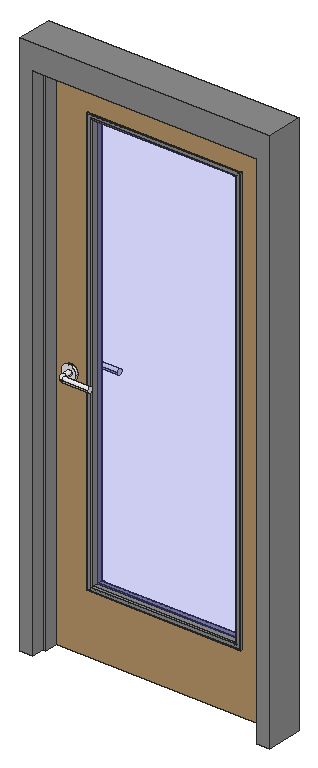
Revit family "51ab7bf38b564ff9a9be7db9e8e264bd", category Doors, host Wall, Revit 2021
Family settings
  Host = Wall
  OmniClass Number = 23.30.10.00
  OmniClass Title = Doors
  Always vertical = Yes
  Cut with Voids When Loaded = No
  Shared = No
  Room Calculation Point = No
Parameters
  Visual Light Transmittance = 0
  Thickness = 1 3/4"
  Thermal Resistance (R) = 2.5876 (h·ft²·°F)/BTU
  Swing Angle [instance] = 90.00°
  Strike Height = 40"
  Solar Heat Gain Coefficient = 0
  Rough Width [instance] = Width + MF Opening Width  # 40"
  Rough Height [instance] = Height + MF Opening Height  # 88"
  Panel Material = Wood - Birch
  Masonry Frame [instance] = yes
  MF Opening Height [instance] = if(Masonry Frame, 4", 1 1/4")  # 4"
  MF Opening Width [instance] = if(Masonry Frame, 4", 2 1/2")  # 4"
  Inset Calculate [instance] = if(Masonry Frame, Masonry Inset + 3", 3")  # 4"
  Masonry Inset [instance] = 1"
  Height = 84"
  Wall Closure = By host
  Width = 36"
  Heat Transfer Coefficient (U) = 0.3865 BTU/(h·ft²·°F)
  Glazing = Glass
  Glass Stop Material = Metal - Paint Finish - Grey
  Function = Exterior
  Frame Material = Metal - Paint Finish - Grey
  Masonry Frame Depth = 5 3/4"
  Dry Wall Frame [instance] = not(Masonry Frame)  # no
  Door Handle Material = Aluminum
  Assembly Code = "B2030100"
  Analytic Construction = "Wooden"
Reference planes
  plane 1 "Center (Front/Back)": y = 0
  plane 2 "Center (Left/Right)": x = 0
  plane 3 "Left": x = -508
  plane 4 "Right": x = 508
  plane 5 "Top": z = 2235.2
  plane 6 "Exterior": y = 107.95
  plane 7 "Interior": y = -95.25
  plane 8 "Door Panel Left": x = -457.2
  plane 9 "Door Panel Right": x = 457.2
  plane 10 "Top Of Panel": z = 2133.6
  plane 11: z = 0
  plane 12: z = 0
  plane 13 "Door Back": y = 38.1
  plane 14: z = 1016
  plane 15 "Door Front": y = 82.55
  plane 16: y = -63.5
  plane 17: y = 33.337
  plane 18: x = -441.325
  plane 19: y = -14.288
  plane 20: z = 2184.4
  plane 21: y = 184.15
  plane 22: z = 2184.4
  plane 23: x = 476.25
  plane 24: x = 527.05
  plane 25: y = 120.65
  plane 26: y = -107.95
  plane 27: x = 460.375
  plane 28: y = 33.337
  plane 29: y = -4.763
  plane 30: z = 1981.2
  plane 31: z = 254
  plane 32: x = -304.8
  plane 33: x = 304.8
  plane 34: y = 63.5
  plane 35: y = 57.15
  plane 36: y = 60.325
  plane 37 "Glass": y = 60.325
Forms (mm)
  Extrusion 1, solid, material "Wood - Birch" <- "Panel Material"
    sketch origin (0, 0, 0) x (1, 0, 0) y (0, 0, 1)
      loop
        line (457.2, 2133.6) -> (-457.2, 2133.6) -> (-457.2, 0) -> (457.2, 0) -> (457.2, 2133.6)
      loop
        line (304.8, 1981.2) -> (-304.8, 1981.2) -> (-304.8, 254) -> (304.8, 254) -> (304.8, 1981.2)
    from -82.55 to -38.1
  Sweep 2, solid, material "Metal - Paint Finish - Grey" <- "Frame Material", visible <- "Masonry Frame"
    path origin (0, 107.95, 0) x (1, 0, 0) y (0, 0, 1)
      loop
        line (508, 0) -> (508, 2184.4) -> (-508, 2184.4) -> (-508, 0)
    profile origin (-508, 107.95, 1092.2) x (0, -1, 0) y (1, 0, 0)
      loop
        line (25.4, 50.8) -> (25.4, 0) -> (171.45, 0) -> (171.45, 50.8) -> (122.238, 50.8) -> (122.238, 66.675) -> (74.613, 66.675) -> (74.613, 50.8) -> (25.4, 50.8)
  Extrusion 3, solid, material "Metal - Paint Finish - Grey" <- "Frame Material", visible <- "Masonry Frame"
    sketch origin (0, 0, 0) x (0, 1, 0) y (0, 0, 1)
      loop
        line (82.55, 2235.2) -> (-63.5, 2235.2) -> (-63.5, 2184.4) -> (82.55, 2184.4) -> (82.55, 2235.2)
    from -508 to 508
  Sweep 4, solid, material "Metal - Paint Finish - Grey" <- "Frame Material", visible <- "Dry Wall Frame"
    path origin (0, 107.95, 0) x (1, 0, 0) y (0, 0, 1)
      loop
        line (508, 0) -> (508, 2235.2) -> (-508, 2235.2) -> (-508, 0)
    profile origin (508, 107.95, 1117.6) x (-1, 0, 0) y (0, -1, 0)
      loop
        line (-19.05, -12.7) -> (31.75, -12.7) -> (31.75, 74.613) -> (47.625, 74.613) -> (47.625, 112.713) -> (31.75, 112.713) -> (31.75, 215.9) -> (-19.05, 215.9) -> (-19.05, 203.2) -> (0, 203.2) -> (0, 0) -> (-19.05, 0) -> (-19.05, -12.7)
  Extrusion 5, solid, material "Glass" <- "Glazing"
    sketch origin (0, 60.325, 0) x (1, 0, 0) y (0, 0, 1)
      loop
        line (304.8, 1981.2) -> (-304.8, 1981.2) -> (-304.8, 254) -> (304.8, 254) -> (304.8, 1981.2)
    from -3.175 to 3.175
  Sweep 6, solid, material "Metal - Paint Finish - Grey" <- "Glass Stop Material", detail levels fine
    path origin (0, 82.55, 0) x (-1, 0, 0) y (0, 0, 1)
      loop
        line (-304.8, 1981.2) -> (-304.8, 254) -> (304.8, 254) -> (304.8, 1981.2) -> (-304.8, 1981.2)
    profile "Glazing Bead : Glazing Bead" origin (0, 82.55, 1981.2) x (0, 0, 1) y (0, 1, 0)
      loop
        line (0, 0) -> (8, 0) -> (8, 4)
        arc (8, 4) -> (7.414, 5.414) -> (6, 6) r 2
        line (6, 6) -> (-7, 6)
        arc (-7, 6) -> (-10.536, 4.536) -> (-12, 1) r 5
        line (-12, 1) -> (-12, -19.05) -> (0, -19.05) -> (0, 0)
  Sweep 7, solid, material "Metal - Paint Finish - Grey" <- "Glass Stop Material", detail levels fine
    path origin (0, 38.1, 0) x (-1, 0, 0) y (0, 0, 1)
      loop
        line (-304.8, 254) -> (304.8, 254) -> (304.8, 1981.2) -> (-304.8, 1981.2) -> (-304.8, 254)
    profile "Glazing Bead : Glazing Bead" origin (0, 38.1, 254) x (0, 0, 1) y (0, 1, 0)
      loop
        line (0, 0) -> (-8, 0) -> (-8, -4)
        arc (-8, -4) -> (-7.414, -5.414) -> (-6, -6) r 2
        line (-6, -6) -> (7, -6)
        arc (7, -6) -> (10.536, -4.536) -> (12, -1) r 5
        line (12, -1) -> (12, 19.05) -> (0, 19.05) -> (0, 0)
Cuts and joins
  joined: Sweep 2, Extrusion 3
Lines and regions (mm)
  Opening 1
    outline origin (-2286, -95.25, 0) x (1, 0, 0) y (0, 0, 1)
      loop
        line (1778, 0) -> (2794, 0) -> (2794, 2235.2) -> (1778, 2235.2) -> (1778, 0)
  Masking region 1, visible <- "Masonry Frame", detail levels coarse+medium
    outline origin (0, 0, 0) x (1, 0, 0) y (0, 1, 0)
      loop
        line (-508, 82.55) -> (-508, -63.5) -> (-457.2, -63.5) -> (-457.2, 82.55) -> (-508, 82.55)
      loop
        line (508, 82.55) -> (457.2, 82.55) -> (457.2, -63.5) -> (508, -63.5) -> (508, 82.55)
  Masking region 2, visible <- "Masonry Frame", detail levels fine
    outline origin (0, 0, 0) x (1, 0, 0) y (0, 1, 0)
      loop
        line (-508, 82.55) -> (-508, -63.5) -> (-457.2, -63.5) -> (-457.2, -14.288) -> (-441.325, -14.288) -> (-441.325, 33.337) -> (-457.2, 33.337) -> (-457.2, 82.55) -> (-508, 82.55)
      loop
        line (508, 82.55) -> (457.2, 82.55) -> (457.2, 33.337) -> (441.325, 33.337) -> (441.325, -14.288) -> (457.2, -14.288) -> (457.2, -63.5) -> (508, -63.5) -> (508, 82.55)
  Masking region 3, visible <- "Dry Wall Frame", detail levels coarse+medium
    outline origin (0, 0, 0) x (1, 0, 0) y (0, 1, 0)
      loop
        line (476.25, -95.25) -> (508, -95.25) -> (508, 107.95) -> (476.25, 107.95) -> (476.25, -95.25)
      loop
        line (-508, 107.95) -> (-508, -95.25) -> (-476.25, -95.25) -> (-476.25, 107.95) -> (-508, 107.95)
  Masking region 4, visible <- "Dry Wall Frame", detail levels fine
    outline origin (0, 0, 0) x (1, 0, 0) y (0, 1, 0)
      loop
        line (-527.05, 120.65) -> (-527.05, 107.95) -> (-508, 107.95) -> (-508, -95.25) -> (-527.05, -95.25) -> (-527.05, -107.95) -> (-476.25, -107.95) -> (-476.25, -4.763) -> (-460.375, -4.763) -> (-460.375, 33.337) -> (-476.25, 33.337) -> (-476.25, 120.65) -> (-527.05, 120.65)
      loop
        line (527.05, 107.95) -> (527.05, 120.65) -> (476.25, 120.65) -> (476.25, 33.337) -> (460.375, 33.337) -> (460.375, -4.763) -> (476.25, -4.763) -> (476.25, -107.95) -> (527.05, -107.95) -> (527.05, -95.25) -> (508, -95.25) -> (508, 107.95) -> (527.05, 107.95)
  symbolic lines, style "Elevation Swing"
    curve 1: line (-457.2, 107.95, 2133.6) -> (457.2, 107.95, 1066.8)
    curve 2: line (457.2, 107.95, 1066.8) -> (-457.2, 107.95, 0)
  model lines, style "DoorsGlassProjection"
    curve 3: line (304.8, 60.325, 1981.2) -> (304.8, 60.325, 254)
    curve 4: line (-304.8, 60.325, 1981.2) -> (-304.8, 60.325, 254)
Text (mm)
  text "Exterior" at (-1904.17, 693.701, 0), in view "Ref. Level"
  text "Interior" at (-1904.17, -638.649, 0), in view "Ref. Level"
  text "Exterior" at (0, 1019.848, 3124.603), in view "Right"
  text "Interior" at (0, -1635.541, 3124.603), in view "Right"
  text "Interior" at (0, -787.806, 3124.376), in view "Left"
  text "Exterior" at (0, 1386.095, 3124.376), in view "Left"
Dimensions and locks
  equal spacing: plane 3 "Left", plane 2 "Center (Left/Right)", plane 4 "Right"
  "Rough Height": level to plane 5 "Top"
  equal spacing: plane 8 "Door Panel Left", plane 2 "Center (Left/Right)", plane 9 "Door Panel Right"
  "Width": plane 8 "Door Panel Left" to plane 9 "Door Panel Right"
  "Height": level to plane 10 "Top Of Panel"
  plane 11 to plane 12 = 0"
  "Rough Width": plane 3 "Left" to plane 4 "Right"
  equal spacing: plane 12, curve 2, plane 10 "Top Of Panel"
  "Thickness": plane 15 "Door Front" to plane 13 "Door Back"
  "Masonry Frame Depth": plane 15 "Door Front" to plane 16
  locked: plane 13 "Door Back" to plane 17 at 4.763
  locked: plane 16 to plane 19 at 49.213
  locked: plane 8 "Door Panel Left" to plane 18 at 15.875
  locked: plane 20 to plane 5 "Top" at 50.8
  locked: plane 6 "Exterior" to plane 21 at 76.2
  "Inset Calculate": plane 21 to plane 15 "Door Front"
  locked: plane 10 "Top Of Panel" to plane 22 at 50.8
  locked: plane 4 "Right" to plane 24 at 19.05
  locked: plane 6 "Exterior" to plane 25 at 12.7
  locked: plane 26 to plane 7 "Interior" at 12.7
  locked: plane 23 to plane 24 at 50.8
  plane 13 "Door Back" to plane 28 to plane 29 = 3/16" locked, 1 1/2" locked
  locked: plane 27 to plane 23 at 15.875
  "Strike Height": plane 11 to plane 14
  locked: plane 30 to plane 10 "Top Of Panel" at 152.4
  locked: plane 8 "Door Panel Left" to plane 32 at 152.4
  equal spacing: plane 15 "Door Front", plane 36, plane 13 "Door Back"
  locked: plane 36 to plane 35 at 3.175
  locked: plane 34 to plane 36 at 3.175
  locked: plane 33 to plane 9 "Door Panel Right" at 152.4
  locked: plane 11 to plane 31 at 254
  equal spacing: plane 15 "Door Front", plane 37 "Glass", plane 13 "Door Back"
  aligned and locked: plane 3 "Left" to Opening 1 sketch curve
  aligned and locked: plane 5 "Top" to Opening 1 sketch curve  (x2)
  aligned and locked: Opening 1 sketch curve to plane 4 "Right"
  aligned and locked: Opening 1 sketch curve to level
  aligned and locked: plane 6 "Exterior" to host wall
  aligned and locked: plane 7 "Interior" to host wall
  aligned and locked: plane 11 to level
  aligned and locked: Extrusion 1 sketch curve to plane 10 "Top Of Panel"
  aligned and locked: Extrusion 1 sketch curve to plane 8 "Door Panel Left"
  aligned and locked: plane 9 "Door Panel Right" to Extrusion 1 sketch curve
  aligned and locked: Extrusion 1 sketch curve to plane 12
  aligned and locked: Extrusion 1 to plane 13 "Door Back"
  aligned and locked: nested 1 to plane 9 "Door Panel Right"
  aligned and locked: nested 2 to plane 8 "Door Panel Left"
  aligned and locked: nested 2 to plane 14
  aligned and locked: plane 8 "Door Panel Left" to nested 3
  aligned and locked: nested 3 to plane 13 "Door Back"
  aligned and locked: plane 14 to nested 3
  aligned and locked: nested 1 to plane 15 "Door Front"
  aligned and locked: nested 2 to plane 15 "Door Front"
  aligned and locked: Extrusion 1 to nested 1
  aligned and locked: Sweep 2 sketch curve to plane 3 "Left"  (x2)
  aligned and locked: plane 11 to Sweep 2 sketch curve  (x2)
  aligned and locked: plane 18 to Sweep 2 sketch curve
  aligned and locked: plane 8 "Door Panel Left" to Sweep 2 sketch curve  (x2)
  aligned and locked: plane 17 to Sweep 2 sketch curve
  aligned and locked: Sweep 2 sketch curve to plane 19
  aligned and locked: Sweep 2 sketch curve to plane 16
  aligned and locked: Sweep 2 sketch curve to plane 15 "Door Front"
  aligned and locked: Sweep 2 sketch curve to plane 4 "Right"
  aligned and locked: plane 5 "Top" to Extrusion 3 sketch curve
  aligned and locked: Extrusion 3 sketch curve to plane 16
  aligned and locked: Extrusion 3 sketch curve to plane 15 "Door Front"
  aligned and locked: plane 20 to Extrusion 3 sketch curve
  aligned and locked: cut or joined group of Sweep 2, Extrusion 3 to plane 4 "Right"
  aligned and locked: plane 3 "Left" to cut or joined group of Sweep 2, Extrusion 3
  aligned and locked: Masking region 1 sketch curve to plane 15 "Door Front"
  aligned and locked: plane 8 "Door Panel Left" to Masking region 1 sketch curve
  aligned and locked: Masking region 1 sketch curve to plane 16
  aligned and locked: Masking region 1 sketch curve to plane 3 "Left"
  aligned and locked: plane 15 "Door Front" to Masking region 1 sketch curve
  aligned and locked: Masking region 1 sketch curve to plane 4 "Right"
  aligned and locked: plane 9 "Door Panel Right" to Masking region 1 sketch curve
  aligned and locked: plane 16 to Masking region 1 sketch curve
  aligned and locked: Masking region 2 sketch curve to plane 3 "Left"
  aligned and locked: Masking region 2 sketch curve to plane 16
  aligned and locked: plane 8 "Door Panel Left" to Masking region 2 sketch curve  (x2)
  aligned and locked: Masking region 2 sketch curve to plane 15 "Door Front"
  aligned and locked: Masking region 2 sketch curve to cut or joined group of Sweep 2, Extrusion 3  (x4)
  aligned and locked: plane 15 "Door Front" to Masking region 2 sketch curve
  aligned and locked: Masking region 2 sketch curve to plane 4 "Right"
  aligned and locked: plane 9 "Door Panel Right" to Masking region 2 sketch curve  (x2)
  aligned and locked: plane 16 to Masking region 2 sketch curve
  aligned and locked: cut or joined group of Sweep 2, Extrusion 3 to Masking region 2 sketch curve  (x2)
  aligned and locked: plane 22 to Sweep 2 sketch curve
  aligned and locked: plane 4 "Right" to Sweep 4 sketch curve
  aligned and locked: Sweep 4 sketch curve to plane 3 "Left"
  aligned and locked: plane 24 to Sweep 4 sketch curve  (x2)
  aligned and locked: Sweep 4 sketch curve to plane 7 "Interior"
  aligned and locked: Sweep 4 sketch curve to plane 26
  aligned and locked: Sweep 4 sketch curve to plane 23  (x2)
  aligned and locked: Sweep 4 sketch curve to plane 29
  aligned and locked: plane 27 to Sweep 4 sketch curve
  aligned and locked: plane 28 to Sweep 4 sketch curve
  aligned and locked: Sweep 4 sketch curve to plane 25
  aligned and locked: plane 6 "Exterior" to Sweep 4 sketch curve
  aligned and locked: Sweep 4 sketch curve to plane 4 "Right"
  aligned and locked: plane 5 "Top" to Sweep 4 sketch curve
  aligned and locked: Masking region 3 sketch curve to plane 6 "Exterior"
  aligned and locked: plane 7 "Interior" to Masking region 3 sketch curve
  aligned and locked: Masking region 3 sketch curve to plane 4 "Right"
  aligned and locked: Masking region 3 sketch curve to Sweep 4  (x2)
  aligned and locked: plane 6 "Exterior" to Masking region 3 sketch curve
  aligned and locked: Masking region 3 sketch curve to plane 3 "Left"
  aligned and locked: Masking region 3 sketch curve to plane 7 "Interior"
  aligned and locked: Masking region 4 sketch curve to plane 3 "Left"
  aligned and locked: Masking region 4 sketch curve to Sweep 4  (x13)
  aligned and locked: Masking region 4 sketch curve to plane 6 "Exterior"
  aligned and locked: plane 7 "Interior" to Masking region 4 sketch curve
  aligned and locked: Masking region 4 sketch curve to plane 4 "Right"
  aligned and locked: Masking region 4 sketch curve to plane 7 "Interior"
  aligned and locked: Sweep 4 to Masking region 4 sketch curve  (x5)
  aligned and locked: plane 6 "Exterior" to Masking region 4 sketch curve
  aligned and locked: plane 11 to Sweep 4 sketch curve  (x2)
  aligned and locked: Extrusion 1 sketch curve to plane 30
  aligned and locked: Extrusion 1 sketch curve to plane 32
  aligned and locked: plane 31 to Extrusion 1 sketch curve
  aligned and locked: Extrusion 1 sketch curve to plane 33
  aligned and locked: Extrusion 5 sketch curve to plane 32
  aligned and locked: Extrusion 5 sketch curve to plane 33
  aligned and locked: Extrusion 5 sketch curve to plane 30
  aligned and locked: plane 31 to Extrusion 5 sketch curve
  aligned and locked: Extrusion 5 to plane 34
  aligned and locked: Extrusion 5 to plane 35
  aligned and locked: plane 31 to Sweep 6 sketch curve
  aligned and locked: Sweep 6 sketch curve to plane 32
  aligned and locked: Sweep 6 sketch curve to plane 30
  aligned and locked: Sweep 6 sketch curve to plane 33
  aligned and locked: Sweep 7 sketch curve to plane 30
  aligned and locked: Sweep 7 sketch curve to plane 31
  aligned and locked: Sweep 7 sketch curve to plane 32
  aligned and locked: plane 33 to Sweep 7 sketch curve
  aligned and locked: curve 3 to plane 33
  aligned and locked: curve 4 to plane 32
  aligned and locked: plane 30 to curve 4
  aligned and locked: plane 30 to curve 3
  aligned and locked: plane 31 to curve 4
  aligned and locked: plane 31 to curve 3
Automatic sketch dimensions
  curve 2 to level = 0"
  plane 8 "Door Panel Left" to curve 2 = 0"
  plane 8 "Door Panel Left" to curve 1 = 0"
  plane 9 "Door Panel Right" to curve 2 = 0"
  curve 1 to plane 10 "Top Of Panel" = 0"
Nested families
  nested 1: "Door Swing-Single" at (457.2, 82.55, 0), Swing Angle <- "Swing Angle", type "Single"
    with Swing Visible yes, Swing Angle 90.00°, Actual Angle 90.00°
  nested 2: "Handle Lever" at (-607.2, 82.55, 1016), type "Standard", detail levels fine
  nested 3: "Handle Lever" at (-607.2, 38.1, 1016), type "Standard", detail levels fine
Definition of nested family "Handle Lever"
  Parameters (values of type "Standard")
    Material = none
    Handle Z Distance = 0"
    Handle X Distance = 2 61/64"
    Assembly Code = ""
    Analytic Construction = "<None>"
  Reference planes
    plane 1 "Center (Front/Back)": y = 0
    plane 2: z = 0
    plane 3 "Center (Left/Right)": x = 150
    plane 4: z = 0
    plane 5 "Handle C/L": x = 225.009
  Forms (mm)
    Extrusion 1, solid, material <- "Material"
      sketch origin (300, 0, 0) x (1, 0, 0) y (0, 0, -1)
        loop
          circle (-77.491, 0) r 30
      from 0 to 8
    Sweep 2, solid, material <- "Material"
      path origin (0, 0, 0) x (0, -1, 0) y (1, 0, 0)
        loop
          line (-8, 225.009) -> (-38, 225.009)
          arc (-38, 225.009) -> (-48.607, 229.403) -> (-53, 240.009) r 15
          line (-53, 240.009) -> (-53, 345.009)
      profile origin (225.009, 23, 0) x (1, 0, 0) y (0, 0, 1)
        loop
          circle (0, 0) r 10
  Dimensions and locks
    "Handle Z Distance": plane 4 to level
    Sweep 2 sketch curve to Sweep 2 sketch curve = 4.13386"
    "Handle X Distance": plane 5 "Handle C/L" to plane 3 "Center (Left/Right)"
    plane 5 "Handle C/L" to Sweep 2 sketch curve = 4.72441"
    aligned and locked: plane 4 to Extrusion 1 sketch curve
  Automatic sketch dimensions
    Sweep 2 sketch curve to profile plane = 0"  (x2)
    Sweep 2 sketch curve to plane 5 "Handle C/L" = 0"
    Sweep 2 sketch curve to plane 1 "Center (Front/Back)" = 2.08661"
    Sweep 2 sketch curve to plane 1 "Center (Front/Back)" = 0.31496"
    Extrusion 1 sketch curve to plane 5 "Handle C/L" = 0.09843"
    radius of Sweep 2 sketch curve = 0.3937"
    radius of Extrusion 1 sketch curve = 1.1811"
Definition of nested family "Door Swing-Single"
  Parameters
    Width = 36"
    Thickness = 1 3/4"
    Swing Visible [instance] = Swing Angle > 1.00°  # yes
    Swing Angle [instance] = 45.00°
    Assembly Code = ""
    Analytic Construction = "<None>"
    Actual Angle [instance] = if(Swing Angle < 1.00°, 1.00°, Swing Angle)  # 45.00°
  Reference planes
    plane 1 "Center (Front/Back)": y = 0
    plane 2: z = 0
    plane 3 "Center (Left/Right)": x = 0
    plane 4: x = -914.4
  Lines and regions (mm)
    Masking region 1
      outline origin (0, 0, 0) x (-0.707107, 0.707107, 0) y (-0.707107, -0.707107, 0)
        loop
          line (0, 0) -> (914.4, 0) -> (914.4, 44.45) -> (0, 44.45) -> (0, 0)
    symbolic lines
      curve 1: line (0, 0, 0) -> (-914.4, 0, 0)
    symbolic lines, visible <- "Swing Visible"
      curve 2: arc (-914.4, 0, 0) -> (-844.795, 349.926, 0) -> (-646.578, 646.578, 0) r 914.4
    reference lines
      curve 3: line (0, 0, 0) -> (-646.578, 646.578, 0)
    model lines
      curve 4: line (0, 0, 0) -> (0, 0, 25.4)
  Dimensions and locks
    "Width": plane 4 to plane 3 "Center (Left/Right)"
    locked: curve 2 to plane 3 "Center (Left/Right)"
    locked: curve 2 to plane 1 "Center (Front/Back)"
    "Width": curve 3 to curve 3
    "Thickness": Masking region 1 sketch curve to Masking region 1 sketch curve
    locked: curve 4 to plane 2 at 25.4
    "Width": radius of curve 2
    "Actual Angle": angle curve 2 to curve 2
    "Swing Angle": angle curve 3 to plane 1 "Center (Front/Back)"
    aligned and locked: curve 1 to plane 1 "Center (Front/Back)"
    aligned and locked: plane 3 "Center (Left/Right)" to curve 1
    aligned and locked: plane 3 "Center (Left/Right)" to curve 3
    aligned and locked: plane 1 "Center (Front/Back)" to curve 3
    aligned and locked: curve 3 to Masking region 1 sketch curve
    aligned and locked: Masking region 1 sketch curve to curve 3  (x2)
    aligned and locked: plane 3 "Center (Left/Right)" to curve 4
    aligned and locked: plane 2 to curve 4
